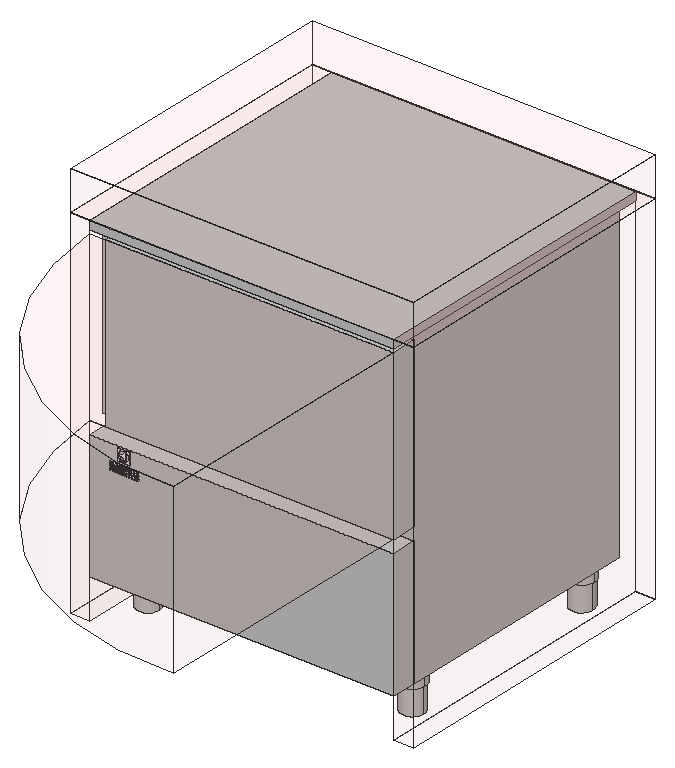
Revit family "QF_ELECTROLUXPROFESSIONAL_725213_ECBCFA025SB", category Attrezzature speciali, Revit 2018
Family settings
  Quota connettore circolare = Usa diametro
  Tipo di parte = Normale
  Basato su piano di lavoro = No
  Sempre verticale = Sì
  Taglio con vuoti quando caricato = No
  Condiviso = No
  Punto di calcolo locali = No
Parameters (values of type "Standard")
  Weight = 85.00 kg
  Watts = 1450 W
  Volts = 220 V
  URL Manufacturer = "https://www.electroluxprofessional.com/"
  URL = "https://www.electroluxprofessional.com/"
  Steam Supply Size = 0 mm
  Steam Supply Minimum Pressure = 0.0 Pa
  Steam Supply Maximum Pressure = 0.0 Pa
  Steam Consumption per Hour = 0
  Show Logo [instance] = yes
  Show Clearance [instance] = yes
  Refrigeration Suction Line Size = 0 mm
  Refrigeration Liquid Line Size = 0 mm
  Refrigerant Compressor Remote = yes
  Produttore = "Electrolux Professional"
  Phase = 1
  Modello = "ECBCFA025SB"
  Length Actual = 762 mm  # constant formula
  Item Number = "725213"
  Hot Water Size = 0 mm
  Height Actual = 902 mm  # constant formula
  HP = "1.9 HP"
  Gas Size = 0 mm
  Gas KW = 0
  Gas Input Pressure = 0 W
  Direct Waste Size = 0 mm
  Descrizione = "BLAST CHILLER/FREEZER CW 25KG 5 GN 1/1 - R452A - 60HZ"
  Depth Actual = 760 mm  # constant formula
  Cycle = 60 Hz
  Condensate Return Size = 0 mm
  Compressed Air Volume = 0.0 L/s
  Compressed Air Size = 0 mm
  Compressed Air Pressure = 0.0 Pa
  Cold Water Size = 0 mm
  Accessory = yes
Types (2, lengths in mm): name | URL | Produttore | Phase | Modello | Descrizione
  (no name) | 0 | 0 | 0 | 0 | 0
  Standard | "https://www.electroluxprofessional.com/" | "Electrolux Professional" | 1 | "ECBCFA025SB" | "BLAST CHILLER/FREEZER CW 25KG 5 GN 1/1 - R452A - 60HZ"
Values of the unnamed type that differ from the named types
  Weight = 0.00 kg
  Watts = 0 W
  Volts = 0 V
  URL Manufacturer = ""
  Item Number = ""
  HP = ""
  Cycle = 0 Hz
Reference planes
  plane 1 "Center X": y = 167.851
  plane 2: z = 0
  plane 3 "Center Y": x = -378
  plane 4 "LEFT": x = -759
  plane 5 "BACK": y = 547.851
  plane 6 "RIGHT": x = 3
  plane 7 "FRONT": y = -212.149
  plane 8: z = 100
  plane 9 "TOP": z = 902
  plane 10: x = -710
  plane 11: y = 440.851
  plane 12: x = -46
  plane 13: y = -52.149
  plane 14: y = 496.851
  plane 15: z = 882
  plane 16: y = -902.149
Forms (mm)
  Extrusion 1, solid, material "QF_Finishes_Stainless Steel"
    sketch origin (0, 0, 902) x (-1, 0, 0) y (0, -1, 0)
      loop
        line (759, -496.851) -> (759, 147.149) -> (-3, 147.149) -> (-3, -496.851) -> (759, -496.851)
    from -20 to -802
  Extrusion 2, solid, material "QF_Finishes_Stainless Steel"
    sketch origin (-499.727, 496.851, 794) x (1, 0, 0) y (0, 0, -1)
      loop
        circle (121.727, 644) r 10.5
    from 0 to 10
  Extrusion 3, solid, material "QF_Finishes_Stainless Steel"
    sketch origin (-1206.916, -1524, 100) x (-1, 0, 0) y (0, -1, 0)
      loop
        line (-447.916, -1311.851) -> (-1209.916, -1311.851) -> (-1209.916, -1376.851) -> (-447.916, -1376.851) -> (-447.916, -1311.851)
    from 320.766 to 0
  Extrusion 4, solid, material "QF_Finishes_Stainless Steel"
    sketch origin (-1225.916, -1562, 130) x (0, -1, 0) y (-1, 0, 0)
      loop
        circle (-1673.851, -847.916) r 9.5
    from 30 to 40
  Extrusion 5, solid, material "QF_Finishes_Stainless Steel"
    sketch origin (-623, 0, 1060.038) x (1, 0, 0) y (0, 1, 0)
      loop
        line (626, -212.149) -> (626, -147.149) -> (-136, -147.149) -> (-136, -212.149) -> (626, -212.149)
    from -186.804 to -608.038
  Extrusion 6, solid, material "QF_Finishes_Stainless Steel"
    sketch origin (-1206.916, -1524, 882) x (-1, 0, 0) y (0, -1, 0)
      loop
        line (-447.916, -2071.851) -> (-447.916, -1311.851) -> (-1209.916, -1311.851) -> (-1209.916, -2071.851) -> (-447.916, -2071.851)
    from 20 to 0
  Extrusion 7, solid, material "QF_Clearance", visible <- "Show Clearance"
    sketch origin (0, 0, 0) x (1, 0, 0) y (0, 1, 0)
      loop
        line (-759, 547.851) -> (-809, 547.851) -> (-809, -212.149) -> (-759, -212.149) -> (-759, 547.851)
      loop
        line (53, 547.851) -> (3, 547.851) -> (3, -212.149) -> (53, -212.149) -> (53, 547.851)
    from 0 to 902
  Extrusion 8, solid, material "QF_Clearance", visible <- "Show Clearance"
    sketch origin (0, 0, 0) x (1, 0, 0) y (0, 1, 0)
      loop
        line (-809, 547.851) -> (-809, -212.149) -> (53, -212.149) -> (53, 547.851) -> (-809, 547.851)
    from 902 to 1002
  Extrusion 9, void
    sketch origin (0, 0, 0) x (1, 0, 0) y (0, 1, 0)
      loop
        line (-759, -212.149) -> (-719, -212.149) -> (-719, -172.149) -> (-759, -172.149) -> (-759, -212.149)
    from 452 to 873.234
  Extrusion 10, solid, material "QF_Clearance"
    sketch origin (0, 0, 0) x (1, 0, 0) y (0, 1, 0)
      loop
        line (3, -902.149) -> (3, -212.149) -> (-759, -212.149)
        arc (-759, -212.149) -> (-521.162, -715.25) -> (3, -902.149) r 725.966
    from 452 to 873.234
Cuts and joins
  joined: Extrusion 1, Extrusion 2, Extrusion 4
  Extrusion 9 cuts Extrusion 3
  Extrusion 9 cuts Extrusion 7
  Extrusion 9 cuts Extrusion 5
Lines and regions (mm)
  Split face 1
    outline origin (3, -212.149, 100) x (-1, 0, 0) y (0, 0, -1)
      loop
        line (762, -254.5) -> (544.5, -254.5) -> (522.858, -232.858) -> (239.142, -232.858) -> (217.5, -254.5) -> (0, -254.5)
  Split face 2
    outline origin (3, -212.149, 100) x (-1, 0, 0) y (0, 0, -1)
      loop
        line (762, -212) -> (0, -212)
  Split face 3
    outline origin (3, -212.149, 100) x (-1, 0, 0) y (0, 0, -1)
      loop
        line (408.5, -305.998) -> (408.5, -290.998) -> (353.5, -290.998) -> (353.5, -305.998) -> (408.5, -305.998)
  Split face 4
    outline origin (3, -212.149, 75) x (-1, 0, 0) y (0, 0, -1)
      loop
        line (408.5, -305.998) -> (408.5, -290.998) -> (353.5, -290.998) -> (353.5, -305.998) -> (408.5, -305.998)
  symbolic lines
    curve 1: line (-759, 547.851, 902) -> (3, 547.851, 902)
    curve 2: line (-759, -212.149, 902) -> (-759, 547.851, 902)
    curve 3: line (3, 547.851, 902) -> (3, -212.149, 902)
    curve 4: line (3, -212.149, 0) -> (-759, -212.149, 0)
  symbolic lines, style "QF_Clearances"
    curve 5: line (-809, 547.851, 0) -> (-809, -212.149, 0)
    curve 6: line (-809, -212.149, 0) -> (-759, -212.149, 0)
    curve 7: line (53, 547.851, 0) -> (3, 547.851, 0)
    curve 8: line (53, 547.851, 0) -> (53, -212.149, 0)
    curve 9: line (-759, 547.851, 0) -> (-809, 547.851, 0)
    curve 10: line (3, -212.149, 0) -> (53, -212.149, 0)
  symbolic lines, style "QF_Door-Drawer Clearances"
    curve 11: arc (-759, -212.149, 0) -> (-521.162, -715.25, 0) -> (3, -902.149, 0) r 725.966
    curve 12: line (3, -902.149, 0) -> (3, -212.149, 0)
Dimensions and locks
  equal spacing: plane 4 "LEFT", plane 3 "Center Y", plane 6 "RIGHT"
  plane 4 "LEFT" to plane 6 "RIGHT" = 762 mm
  plane 5 "BACK" to plane 7 "FRONT" = 760 mm
  equal spacing: plane 5 "BACK", plane 1 "Center X", plane 7 "FRONT"
  cut or joined group of Extrusion 1, Extrusion 2, Extrusion 4 to Extrusion 2 sketch curve = 381 mm
  level to Extrusion 2 sketch curve = 150 mm
  plane 5 "BACK" to Extrusion 4 sketch curve = 436 mm
  plane 4 "LEFT" to Extrusion 4 sketch curve = 381 mm
  Extrusion 2 sketch curve to plane 4 "LEFT" = 381 mm
  plane 9 "TOP" to plane 2 = 902 mm
  locked: plane 9 "TOP" to plane 15 at 20
  plane 8 to level = 100 mm
  plane 6 "RIGHT" to plane 12 = 49 mm
  plane 5 "BACK" to plane 14 = 51 mm
  plane 5 "BACK" to plane 16 = 1450 mm
  aligned and locked: level to plane 2
  aligned and locked: plane 12 to nested 3
  aligned and locked: plane 12 to nested 2
  aligned and locked: nested 4 to plane 11
  aligned and locked: nested 3 to plane 11
  aligned and locked: Extrusion 1 to plane 4 "LEFT"
  aligned and locked: plane 6 "RIGHT" to Extrusion 1
  aligned and locked: plane 15 to cut or joined group of Extrusion 1, Extrusion 2, Extrusion 4
  aligned and locked: plane 14 to Extrusion 1
  aligned and locked: Extrusion 8 sketch curve to Extrusion 7  (x4)
  aligned and locked: Extrusion 8 to plane 9 "TOP"
Automatic sketch dimensions
  Extrusion 1 sketch curve to plane 6 "RIGHT" = 0 mm
  Extrusion 1 sketch curve to plane 4 "LEFT" = 0 mm
  Extrusion 1 sketch curve to plane 14 = 0 mm
  plane 7 "FRONT" to Extrusion 1 sketch curve = 65 mm
  curve 1 to plane 5 "BACK" = 0 mm
  curve 1 to plane 6 "RIGHT" = 0 mm
  curve 2 to plane 4 "LEFT" = 0 mm
  curve 3 to plane 7 "FRONT" = 0 mm
  curve 2 to plane 7 "FRONT" = 0 mm
  Extrusion 3 sketch curve to plane 6 "RIGHT" = 0 mm
  Extrusion 3 sketch curve to plane 4 "LEFT" = 0 mm
  Extrusion 3 sketch curve to plane 7 "FRONT" = 0 mm
  Extrusion 3 sketch curve to Extrusion 3 sketch curve = 65 mm
  Extrusion 5 sketch curve to plane 7 "FRONT" = 0 mm
  Extrusion 5 sketch curve to plane 10 = 49 mm
  Extrusion 5 sketch curve to plane 6 "RIGHT" = 0 mm
  Extrusion 5 sketch curve to Extrusion 5 sketch curve = 65 mm
  Extrusion 6 sketch curve to plane 5 "BACK" = 0 mm
  Extrusion 6 sketch curve to plane 6 "RIGHT" = 0 mm
  Extrusion 6 sketch curve to plane 4 "LEFT" = 0 mm
  Extrusion 6 sketch curve to plane 7 "FRONT" = 0 mm
  Split face 2 sketch curve to Extrusion 3 = 0 mm
  Extrusion 3 to Split face 2 sketch curve = 0 mm
  Split face 2 sketch curve to Extrusion 3 = 108.766 mm
  Split face 3 sketch curve to Extrusion 3 = 14.768 mm
  Split face 3 sketch curve to Extrusion 3 = 353.5 mm
  Split face 3 sketch curve to Split face 3 sketch curve = 55 mm
  Split face 3 sketch curve to Split face 3 sketch curve = 15 mm
  Split face 4 sketch curve to Extrusion 3 = 39.768 mm
  Split face 4 sketch curve to Extrusion 3 = 353.5 mm
  Split face 4 sketch curve to Split face 4 sketch curve = 55 mm
  Split face 4 sketch curve to Split face 4 sketch curve = 15 mm
  Extrusion 7 sketch curve to plane 7 "FRONT" = 0 mm  (x2)
  Extrusion 7 sketch curve to plane 5 "BACK" = 0 mm  (x2)
  Extrusion 7 sketch curve to plane 4 "LEFT" = 0 mm
  Extrusion 7 sketch curve to plane 6 "RIGHT" = 0 mm
  Extrusion 7 sketch curve to Extrusion 7 sketch curve = 50 mm
  plane 6 "RIGHT" to Extrusion 7 sketch curve = 50 mm
  curve 6 to plane 7 "FRONT" = 0 mm
  curve 5 to plane 5 "BACK" = 0 mm
  plane 6 "RIGHT" to curve 8 = 50 mm
  curve 7 to plane 5 "BACK" = 0 mm
  curve 6 to plane 4 "LEFT" = 0 mm
  curve 9 to plane 4 "LEFT" = 0 mm
  curve 9 to curve 9 = 50 mm
  curve 7 to plane 6 "RIGHT" = 0 mm
  Extrusion 9 sketch curve to plane 4 "LEFT" = 0 mm
  Extrusion 9 sketch curve to plane 7 "FRONT" = 0 mm
  Extrusion 9 sketch curve to plane 10 = 9 mm
  plane 7 "FRONT" to Extrusion 9 sketch curve = 40 mm
  Extrusion 10 sketch curve to plane 4 "LEFT" = 0 mm
  Extrusion 10 sketch curve to plane 6 "RIGHT" = 0 mm
  Extrusion 10 sketch curve to plane 16 = 0 mm
  Extrusion 10 sketch curve to plane 7 "FRONT" = 0 mm
  plane 12 to Extrusion 10 sketch curve = 12.12 mm
  curve 11 to plane 6 "RIGHT" = 0 mm
  curve 11 to plane 16 = 0 mm
  plane 12 to curve 11 = 12.12 mm
  Split face 1 sketch curve to Extrusion 3 = 0 mm
  Extrusion 3 to Split face 1 sketch curve = 0 mm
  Split face 1 sketch curve to Extrusion 3 = 66.266 mm
  Split face 1 sketch curve to Extrusion 3 = 217.5 mm
  Split face 1 sketch curve to Split face 1 sketch curve = 21.642 mm  (x3)
  Split face 1 sketch curve to Extrusion 3 = 87.908 mm
  Split face 1 sketch curve to Extrusion 3 = 239.142 mm
  radius of Extrusion 2 sketch curve = 10.5 mm
  radius of Extrusion 4 sketch curve = 9.5 mm
Nested families
  nested 1: "Foot_Complete" at (-710, -91.149, 0), type "Foot_Complete"
    with H 100 mm
  nested 2: "Foot_Complete" at (-46, -91.149, 0), type "Foot_Complete"
    with H 100 mm
  nested 3: "Foot_Complete" at (-46, 440.851, 0), type "Foot_Complete"
    with H 100 mm
  nested 4: "Foot_Complete" at (-710, 440.851, 0), type "Foot_Complete"
    with H 100 mm
  nested 5: "ELX_Pro_Logo" at (-673, -212.149, 384.5) x (1, 0, 0) z (0, -1, 0), type "ELX_Pro_Logo"
Connectors
  electrical at (-378, 506.851, 150), driven by "Volts"
    settings: on Extrusion 2, index 5, voltage 220 V, apparent load 0 VA, apparent load phase1 0 VA, apparent load phase2 0 VA, apparent load phase3 0 VA, power factor 1, load classification "Altro", number of poles 1, system type 30, power factor state 1, is connector primary yes, connector utility no, sub classification motor no, connector description "Electrical Connection"
  piping at (-378, 111.851, 90), diameter 19
    settings: on cut or joined group of Extrusion 1, Extrusion 2, Extrusion 4, index 6, connector inside diameter 609.6 mm, connector length 0 mm, flow factor 0, pipe flow 0.0 L/s, pressure drop 0.0 Pa, fitting loss kfactor 0, connector angle 0.00°, fixture units 0, engagement length 0 mm, angle of deflection 0.00°, flow configuration 1, flow direction 2, fitting loss method 0, system type 16, joint type 0, gender type 0, connector reference index -1, connector utility 0, adjustable connector no, is connector primary yes, connector description "Drain"
Definition of nested family "Foot_Complete"
  Parameters
    R = 32 mm
    H = 150 mm
  Reference planes
    plane 1 "Centro (Fronte/Retro)": y = 0
    plane 2: z = 0
    plane 3 "Centro (Sinistra/Destra)": x = 0
    plane 4: z = 150
  Forms (mm)
    Revolve 1, solid
      sketch origin (255.05, 0, 608.09) x (0, 0, 1) y (-1, 0, 0)
        loop
          line (-608.09, 255.05) -> (-608.09, 226.55) -> (-544.09, 226.55) -> (-544.09, 223.05) -> (-458.09, 223.05) -> (-458.09, 255.05) -> (-608.09, 255.05)
        axis (-608.09, 255.05) -> (-458.09, 255.05)
      angle from 0 to 360
  Dimensions and locks
    locked: level to Revolve 1 sketch curve at 64
    "R": Revolve 1 sketch curve to plane 3 "Centro (Sinistra/Destra)"
    "H": plane 4 to level
    aligned and locked: level to plane 2
    aligned and locked: plane 4 to Revolve 1 sketch curve
    aligned and locked: Revolve 1 sketch curve to level
    aligned and locked: plane 3 "Centro (Sinistra/Destra)" to Revolve 1 sketch curve
  Automatic sketch dimensions
    Revolve 1 sketch curve to plane 3 "Centro (Sinistra/Destra)" = 0 mm
    plane 3 "Centro (Sinistra/Destra)" to Revolve 1 sketch curve = 28.5 mm
    Revolve 1 sketch curve to Revolve 1 sketch curve = 50 mm
    Revolve 1 sketch curve to Revolve 1 sketch curve = 20 mm
Definition of nested family "ELX_Pro_Logo"
  Parameters (values of type "ELX_Pro_Logo")
    M = none
    Default Elevation = 0 mm
  Reference planes
    plane 1 "Centro (Fronte/Retro)": y = 0
    plane 2: z = 0
    plane 3 "Centro (Sinistra/Destra)": x = 0
  Forms (mm)
    Extrusion 1, solid
      sketch origin (0, 0, 0) x (1, 0, 0) y (0, 1, 0)
        loop
          line (-1219.2, 1219.2) -> (-1219.2, -1219.2) -> (1219.2, -1219.2) -> (1219.2, 1219.2) -> (-1219.2, 1219.2)
      from 0 to -304.8
    Extrusion 2, solid, material <- "M"
      sketch origin (-144.622, -1081.55, 0) x (-1, 0, 0) y (0, -1, 0)
        loop
          line (-111.329, -1069.559) -> (-111.329, -1071.073) -> (-116.048, -1071.073) -> (-116.048, -1072.896) -> (-111.328, -1072.896) -> (-111.328, -1075.549) -> (-116.349, -1075.549) -> (-116.349, -1077.368) -> (-109.396, -1077.368) -> (-109.396, -1073.46) -> (-109.396, -1069.659)
          arc (-109.396, -1069.659) -> (-110.425, -1067.175) -> (-112.909, -1066.146) r 3.513
          line (-112.909, -1066.146) -> (-116.483, -1066.146) -> (-116.483, -1067.963) -> (-112.925, -1067.963)
          arc (-112.925, -1067.963) -> (-111.797, -1068.431) -> (-111.329, -1069.559) r 1.596
        loop
          line (-119.79, -1077.358) -> (-117.856, -1077.358) -> (-117.856, -1072.053) -> (-117.856, -1066.132) -> (-119.79, -1066.132) -> (-119.79, -1072.092) -> (-119.79, -1077.358)
        loop
          line (-122.986, -1069.718) -> (-129.327, -1069.718)
          arc (-129.327, -1069.718) -> (-129.219, -1071.449) -> (-128.497, -1073.026) r 4.757
          arc (-128.497, -1073.026) -> (-125.237, -1074.5) -> (-121.978, -1073.026) r 4.34
          arc (-121.978, -1073.026) -> (-121.072, -1070.207) -> (-121.978, -1067.388) r 4.838
          arc (-121.978, -1067.388) -> (-125.393, -1065.933) -> (-128.809, -1067.388) r 4.737
          line (-128.809, -1067.388) -> (-127.645, -1068.52)
          arc (-127.645, -1068.52) -> (-125.509, -1067.576) -> (-123.374, -1068.52) r 2.888
          arc (-123.374, -1068.52) -> (-123.05, -1069.077) -> (-122.986, -1069.718) r 1.527
        loop
          arc (-127.386, -1071.076) -> (-126.67, -1072.331) -> (-125.331, -1072.872) r 2.201
          arc (-125.331, -1072.872) -> (-123.848, -1072.402) -> (-123.033, -1071.076) r 2.23
          line (-123.033, -1071.076) -> (-127.386, -1071.076)
        loop
          line (-136.862, -1071.886) -> (-138.059, -1073.132)
          arc (-138.059, -1073.132) -> (-130.327, -1070.219) -> (-138.059, -1067.306) r 4.415
          line (-138.059, -1067.306) -> (-136.862, -1068.553)
          arc (-136.862, -1068.553) -> (-132.252, -1070.22) -> (-136.862, -1071.886) r 2.606
        loop
          line (-141.192, -1069.673) -> (-141.192, -1072.494) -> (-142.951, -1072.494) -> (-142.951, -1074.25) -> (-141.195, -1074.25) -> (-141.195, -1077.358) -> (-139.262, -1077.358) -> (-139.262, -1073.332) -> (-139.262, -1069.514)
          arc (-139.262, -1069.514) -> (-140.299, -1066.92) -> (-142.98, -1066.132) r 3.196
          line (-142.98, -1066.132) -> (-142.987, -1067.949)
          arc (-142.987, -1067.949) -> (-141.652, -1068.356) -> (-141.192, -1069.673) r 1.542
        loop
          line (-146.494, -1073.042) -> (-146.494, -1074.25) -> (-144.576, -1074.25) -> (-144.576, -1070.271) -> (-144.576, -1066.132) -> (-146.494, -1066.132) -> (-146.494, -1070.401)
          arc (-146.494, -1070.401) -> (-147.446, -1072.228) -> (-149.489, -1072.494) r 2.229
          line (-149.489, -1072.494) -> (-149.489, -1074.362)
          arc (-149.489, -1074.362) -> (-147.761, -1074.226) -> (-146.494, -1073.042) r 2.627
        loop
          line (-159.833, -1072.246) -> (-159.833, -1066.131) -> (-161.767, -1066.131) -> (-161.767, -1072.17) -> (-161.767, -1077.359) -> (-159.833, -1077.359) -> (-159.833, -1072.246)
        loop
          line (-165.194, -1069.514) -> (-165.194, -1074.25) -> (-163.245, -1074.25) -> (-163.245, -1071.898) -> (-163.245, -1069.098)
          arc (-163.245, -1069.098) -> (-166.96, -1065.769) -> (-170.687, -1069.085) r 3.745
          line (-170.687, -1069.085) -> (-170.687, -1071.898) -> (-170.687, -1074.25) -> (-168.739, -1074.25) -> (-168.739, -1069.514)
          arc (-168.739, -1069.514) -> (-166.967, -1067.742) -> (-165.194, -1069.514) r 1.772
        loop
          line (-174.654, -1070.416) -> (-172.975, -1068.078) -> (-171.578, -1066.131) -> (-173.656, -1066.131) -> (-175.717, -1068.999) -> (-177.779, -1066.131) -> (-179.857, -1066.131) -> (-178, -1068.728) -> (-176.781, -1070.433) -> (-178.29, -1072.488) -> (-179.583, -1074.25) -> (-177.473, -1074.25) -> (-175.717, -1071.818) -> (-173.945, -1074.25) -> (-171.852, -1074.25) -> (-173.052, -1072.608) -> (-174.654, -1070.416)
        loop
          circle (-154.223, -1070.188) r 2.508
        loop
          circle (-154.223, -1070.188) r 4.42
        loop
          line (-110.224, -1058.542) -> (-111.194, -1058.542)
          arc (-111.194, -1058.542) -> (-112.217, -1059.95) -> (-110.924, -1061.114) r 1.3
          line (-110.924, -1061.114) -> (-109.424, -1061.114) -> (-109.424, -1057.223) -> (-110.224, -1057.223) -> (-110.224, -1058.542)
        loop
          line (-110.224, -1060.379) -> (-110.224, -1059.293) -> (-111.03, -1059.293)
          arc (-111.03, -1059.293) -> (-111.43, -1059.836) -> (-111.03, -1060.379) r 0.569
          line (-111.03, -1060.379) -> (-110.224, -1060.379)
        loop
          line (-116.302, -1058.564) -> (-117.128, -1058.564) -> (-117.934, -1057.223) -> (-118.841, -1057.223) -> (-117.833, -1058.884)
          arc (-117.833, -1058.884) -> (-118.214, -1060.282) -> (-117.028, -1061.114) r 1.26
          line (-117.028, -1061.114) -> (-115.503, -1061.114) -> (-115.503, -1057.223) -> (-116.302, -1057.223) -> (-116.302, -1058.564)
        loop
          line (-116.302, -1060.379) -> (-116.302, -1059.293) -> (-117.109, -1059.293)
          arc (-117.109, -1059.293) -> (-117.508, -1059.836) -> (-117.109, -1060.379) r 0.569
          line (-117.109, -1060.379) -> (-116.302, -1060.379)
        loop
          line (-128.923, -1057.223) -> (-129.723, -1057.223) -> (-129.723, -1058.714) -> (-131.187, -1058.714) -> (-131.187, -1059.514) -> (-129.723, -1059.514) -> (-129.723, -1060.314) -> (-131.327, -1060.314) -> (-131.327, -1061.114) -> (-128.923, -1061.114) -> (-128.923, -1057.223)
        loop
          arc (-134.628, -1058.469) -> (-134.992, -1057.588) -> (-135.874, -1057.223) r 1.246
          line (-135.874, -1057.223) -> (-137.13, -1057.223) -> (-137.13, -1058.023) -> (-135.969, -1058.023)
          arc (-135.969, -1058.023) -> (-135.53, -1058.237) -> (-135.427, -1058.714) r 0.558
          line (-135.427, -1058.714) -> (-136.984, -1058.714) -> (-136.984, -1059.514) -> (-135.427, -1059.514) -> (-135.427, -1060.314) -> (-137.092, -1060.314) -> (-137.092, -1061.114) -> (-134.628, -1061.114) -> (-134.628, -1058.469)
        loop
          line (-152.3, -1057.223) -> (-153.1, -1057.223) -> (-153.1, -1061.114) -> (-152.3, -1061.114) -> (-152.3, -1057.223)
        loop
          line (-164.67, -1057.223) -> (-164.67, -1059.67) -> (-166.45, -1057.223) -> (-167.25, -1057.223) -> (-167.25, -1061.114) -> (-166.42, -1061.114) -> (-166.42, -1058.594) -> (-164.64, -1061.114) -> (-163.84, -1061.114) -> (-163.84, -1057.223) -> (-164.67, -1057.223)
        loop
          line (-170.403, -1057.223) -> (-171.262, -1057.223) -> (-171.641, -1058.063) -> (-173.08, -1058.063) -> (-173.459, -1057.223) -> (-174.317, -1057.223) -> (-172.796, -1061.113) -> (-171.996, -1061.113) -> (-170.403, -1057.223)
        loop
          line (-177.493, -1057.223) -> (-179.789, -1057.223) -> (-179.789, -1058.023) -> (-178.293, -1058.023) -> (-178.293, -1061.114) -> (-177.493, -1061.114) -> (-177.493, -1057.223)
        loop
          line (-172.362, -1059.848) -> (-171.945, -1058.83) -> (-172.76, -1058.83) -> (-172.362, -1059.848)
        loop
          circle (-158.484, -1059.145) r 1.288
        loop
          circle (-158.484, -1059.145) r 2.065
        loop
          arc (-146.04, -1058.095) -> (-146.933, -1057.275) -> (-148.145, -1057.245) r 1.725
          arc (-148.145, -1057.245) -> (-148.965, -1058.02) -> (-148.68, -1059.111) r 1.107
          arc (-148.68, -1059.111) -> (-148.103, -1059.465) -> (-147.486, -1059.746) r 5.523
          arc (-147.486, -1059.746) -> (-147.147, -1060.262) -> (-147.708, -1060.52) r 0.407
          arc (-147.708, -1060.52) -> (-148.045, -1060.315) -> (-148.325, -1060.038) r 1.702
          line (-148.325, -1060.038) -> (-149.011, -1060.45)
          arc (-149.011, -1060.45) -> (-148.578, -1060.911) -> (-148.043, -1061.247) r 2.463
          arc (-148.043, -1061.247) -> (-146.373, -1060.466) -> (-147.42, -1058.949) r 1.207
          spline (-147.42, -1058.949) -> (-147.716, -1058.809) -> (-147.932, -1058.678) -> (-148.077, -1058.557) -> (-148.163, -1058.446) -> (-148.198, -1058.347) -> (-148.192, -1058.258) -> (-148.157, -1058.182) -> (-148.102, -1058.118) -> (-148.037, -1058.068) -> (-147.972, -1058.031) -> (-147.917, -1058.008) -> (-147.883, -1058)
          arc (-147.883, -1058) -> (-147.238, -1058.014) -> (-146.759, -1058.446) r 0.925
          line (-146.759, -1058.446) -> (-146.04, -1058.095)
        loop
          arc (-140.18, -1058.095) -> (-141.073, -1057.275) -> (-142.285, -1057.245) r 1.725
          arc (-142.285, -1057.245) -> (-143.106, -1058.02) -> (-142.821, -1059.111) r 1.107
          arc (-142.821, -1059.111) -> (-142.243, -1059.465) -> (-141.627, -1059.746) r 5.523
          arc (-141.627, -1059.746) -> (-141.287, -1060.262) -> (-141.849, -1060.52) r 0.407
          arc (-141.849, -1060.52) -> (-142.185, -1060.315) -> (-142.466, -1060.038) r 1.702
          line (-142.466, -1060.038) -> (-143.151, -1060.45)
          arc (-143.151, -1060.45) -> (-142.719, -1060.911) -> (-142.183, -1061.247) r 2.463
          arc (-142.183, -1061.247) -> (-140.513, -1060.466) -> (-141.56, -1058.949) r 1.207
          spline (-141.56, -1058.949) -> (-141.856, -1058.809) -> (-142.072, -1058.678) -> (-142.218, -1058.557) -> (-142.303, -1058.446) -> (-142.338, -1058.347) -> (-142.333, -1058.258) -> (-142.298, -1058.182) -> (-142.242, -1058.118) -> (-142.177, -1058.068) -> (-142.112, -1058.031) -> (-142.057, -1058.008) -> (-142.023, -1058)
          arc (-142.023, -1058) -> (-141.378, -1058.014) -> (-140.9, -1058.446) r 0.925
          line (-140.9, -1058.446) -> (-140.18, -1058.095)
        loop
          circle (-123.484, -1059.145) r 1.288
        loop
          circle (-123.484, -1059.145) r 2.065
        loop
          line (-130.225, -1113.361) -> (-130.225, -1084.645) -> (-158.979, -1084.645) -> (-158.979, -1113.361) -> (-130.225, -1113.361)
        loop
          arc (-148.442, -1086.055) -> (-157.992, -1098.973) -> (-148.442, -1111.892) r 13.512
          line (-148.442, -1111.892) -> (-148.442, -1086.055)
        loop
          line (-147.127, -1086.055) -> (-147.127, -1087.926)
          arc (-147.127, -1087.926) -> (-143.116, -1095.125) -> (-135.48, -1098.224) r 12.412
          line (-135.48, -1098.224) -> (-131.205, -1098.224)
          arc (-131.205, -1098.224) -> (-136.382, -1088.497) -> (-147.127, -1086.055) r 13.242
        loop
          line (-147.127, -1110.021) -> (-147.127, -1112.224)
          arc (-147.127, -1112.224) -> (-136.374, -1109.53) -> (-131.205, -1099.722) r 13.588
          line (-131.205, -1099.722) -> (-135.48, -1099.722)
          arc (-135.48, -1099.722) -> (-143.116, -1102.822) -> (-147.127, -1110.021) r 12.412
      from 0 to 1.6
  Lines and regions (mm)
    symbolic lines
      curve 1: line (-14.357, 31.811, 0) -> (14.357, 31.811, 0)
      curve 2: line (-14.357, 3.095, 0) -> (-14.357, 31.811, 0)
      curve 3: line (14.357, 3.095, 0) -> (-14.357, 3.095, 0)
      curve 4: line (14.357, 31.811, 0) -> (14.357, 3.095, 0)
      curve 5: line (-8.32, 7.722, 0) -> (-9.387, 8.738, 0)
      curve 6: line (-9.387, 8.738, 0) -> (-10.331, 9.866, 0)
      curve 7: line (-10.331, 9.866, 0) -> (-11.141, 11.095, 0)
      curve 8: line (-11.141, 11.095, 0) -> (-11.805, 12.411, 0)
      curve 9: line (-11.805, 12.411, 0) -> (-12.31, 13.803, 0)
      curve 10: line (-12.31, 13.803, 0) -> (-12.646, 15.26, 0)
      curve 11: line (-12.646, 15.26, 0) -> (-12.8, 16.77, 0)
      curve 12: line (-12.8, 16.77, 0) -> (-10.081, 16.77, 0)
      curve 13: line (-10.081, 16.77, 0) -> (-8.466, 16.661, 0)
      curve 14: line (-8.466, 16.661, 0) -> (-6.88, 16.344, 0)
      curve 15: line (-6.88, 16.344, 0) -> (-5.345, 15.833, 0)
      curve 16: line (-5.345, 15.833, 0) -> (-3.882, 15.143, 0)
      curve 17: line (-3.882, 15.143, 0) -> (-2.511, 14.288, 0)
      curve 18: line (-2.511, 14.288, 0) -> (-1.255, 13.283, 0)
      curve 19: line (-1.255, 13.283, 0) -> (-0.135, 12.143, 0)
      curve 20: line (-0.135, 12.143, 0) -> (0.83, 10.882, 0)
      curve 21: line (0.83, 10.882, 0) -> (1.616, 9.515, 0)
      curve 22: arc (1.616, 9.515, 0) -> (2.419, 7.28, 0) -> (2.7, 4.923, 0) r 10.532
      curve 23: arc (2.7, 4.923, 0) -> (1.362, 4.715, 0) -> (0.011, 4.633, 0) r 14.39
      curve 24: line (0.011, 4.633, 0) -> (-1.56, 4.731, 0)
      curve 25: line (-1.56, 4.731, 0) -> (-3.062, 5.011, 0)
      curve 26: line (-3.062, 5.011, 0) -> (-4.502, 5.462, 0)
      curve 27: line (-4.502, 5.462, 0) -> (-5.866, 6.072, 0)
      curve 28: line (-5.866, 6.072, 0) -> (-7.142, 6.829, 0)
      curve 29: line (-7.142, 6.829, 0) -> (-8.32, 7.722, 0)
      curve 30: line (-10.802, 24.24, 0) -> (-9.872, 25.531, 0)
      curve 31: line (-9.872, 25.531, 0) -> (-8.796, 26.699, 0)
      curve 32: line (-8.796, 26.699, 0) -> (-7.587, 27.728, 0)
      curve 33: line (-7.587, 27.728, 0) -> (-6.258, 28.602, 0)
      curve 34: line (-6.258, 28.602, 0) -> (-4.823, 29.309, 0)
      curve 35: line (-4.823, 29.309, 0) -> (-3.293, 29.832, 0)
      curve 36: line (-3.293, 29.832, 0) -> (-1.683, 30.156, 0)
      curve 37: arc (-1.683, 30.156, 0) -> (0.517, 30.256, 0) -> (2.702, 29.984, 0) r 13.008
      curve 38: arc (2.702, 29.984, 0) -> (2.453, 27.616, 0) -> (1.617, 25.387, 0) r 9.395
      curve 39: line (1.617, 25.387, 0) -> (0.83, 24.018, 0)
      curve 40: line (0.83, 24.018, 0) -> (-0.134, 22.756, 0)
      curve 41: line (-0.134, 22.756, 0) -> (-1.255, 21.615, 0)
      curve 42: line (-1.255, 21.615, 0) -> (-2.512, 20.609, 0)
      curve 43: line (-2.512, 20.609, 0) -> (-3.882, 19.754, 0)
      curve 44: line (-3.882, 19.754, 0) -> (-5.346, 19.063, 0)
      curve 45: line (-5.346, 19.063, 0) -> (-6.881, 18.551, 0)
      curve 46: line (-6.881, 18.551, 0) -> (-8.467, 18.234, 0)
      curve 47: line (-8.467, 18.234, 0) -> (-10.083, 18.125, 0)
      curve 48: line (-10.083, 18.125, 0) -> (-12.798, 18.125, 0)
      curve 49: line (-12.798, 18.125, 0) -> (-12.584, 19.768, 0)
      curve 50: line (-12.584, 19.768, 0) -> (-12.171, 21.343, 0)
      curve 51: line (-12.171, 21.343, 0) -> (-11.572, 22.839, 0)
      curve 52: line (-11.572, 22.839, 0) -> (-10.802, 24.24, 0)
      curve 53: line (4.048, 5.294, 0) -> (4.048, 29.617, 0)
      curve 54: line (4.048, 29.617, 0) -> (5.525, 29.026, 0)
      curve 55: line (5.525, 29.026, 0) -> (6.905, 28.26, 0)
      curve 56: line (6.905, 28.26, 0) -> (8.174, 27.332, 0)
      curve 57: line (8.174, 27.332, 0) -> (9.318, 26.256, 0)
      curve 58: line (9.318, 26.256, 0) -> (10.323, 25.046, 0)
      curve 59: line (10.323, 25.046, 0) -> (11.177, 23.715, 0)
      curve 60: line (11.177, 23.715, 0) -> (11.865, 22.277, 0)
      curve 61: line (11.865, 22.277, 0) -> (12.375, 20.746, 0)
      curve 62: line (12.375, 20.746, 0) -> (12.693, 19.135, 0)
      curve 63: line (12.693, 19.135, 0) -> (12.804, 17.459, 0)
      curve 64: line (12.804, 17.459, 0) -> (12.702, 15.807, 0)
      curve 65: line (12.702, 15.807, 0) -> (12.396, 14.216, 0)
      curve 66: line (12.396, 14.216, 0) -> (11.897, 12.7, 0)
      curve 67: line (11.897, 12.7, 0) -> (11.218, 11.271, 0)
      curve 68: line (11.218, 11.271, 0) -> (10.372, 9.944, 0)
      curve 69: line (10.372, 9.944, 0) -> (9.37, 8.731, 0)
      curve 70: line (9.37, 8.731, 0) -> (8.224, 7.646, 0)
      curve 71: line (8.224, 7.646, 0) -> (6.947, 6.703, 0)
      curve 72: line (6.947, 6.703, 0) -> (5.551, 5.914, 0)
      curve 73: line (5.551, 5.914, 0) -> (4.048, 5.294, 0)
      curve 74: line (-35.227, -8.09, 0) -> (-35.227, -11.891, 0)
      curve 75: arc (-35.227, -11.891, 0) -> (-34.198, -14.375, 0) -> (-31.714, -15.404, 0) r 3.513
      curve 76: line (-31.714, -15.404, 0) -> (-28.139, -15.404, 0)
      curve 77: line (-28.139, -15.404, 0) -> (-28.139, -13.587, 0)
      curve 78: line (-28.139, -13.587, 0) -> (-31.697, -13.587, 0)
      curve 79: arc (-31.697, -13.587, 0) -> (-32.826, -13.119, 0) -> (-33.293, -11.991, 0) r 1.596
      curve 80: line (-33.293, -11.991, 0) -> (-33.293, -10.477, 0)
      curve 81: line (-33.293, -10.477, 0) -> (-28.574, -10.477, 0)
      curve 82: line (-28.574, -10.477, 0) -> (-28.574, -8.654, 0)
      curve 83: line (-28.574, -8.654, 0) -> (-33.294, -8.654, 0)
      curve 84: line (-33.294, -8.654, 0) -> (-33.294, -6.001, 0)
      curve 85: line (-33.294, -6.001, 0) -> (-28.273, -6.001, 0)
      curve 86: line (-28.273, -6.001, 0) -> (-28.273, -4.182, 0)
      curve 87: line (-28.273, -4.182, 0) -> (-35.227, -4.182, 0)
      curve 88: line (-35.227, -4.182, 0) -> (-35.227, -8.09, 0)
      curve 89: line (-24.833, -9.458, 0) -> (-24.833, -4.192, 0)
      curve 90: line (-24.833, -4.192, 0) -> (-26.766, -4.192, 0)
      curve 91: line (-26.766, -4.192, 0) -> (-26.766, -9.497, 0)
      curve 92: line (-26.766, -9.497, 0) -> (-26.766, -15.418, 0)
      curve 93: line (-26.766, -15.418, 0) -> (-24.833, -15.418, 0)
      curve 94: line (-24.833, -15.418, 0) -> (-24.833, -9.458, 0)
      curve 95: arc (-16.125, -8.524, 0) -> (-19.385, -7.05, 0) -> (-22.645, -8.524, 0) r 4.34
      curve 96: arc (-22.645, -8.524, 0) -> (-23.551, -11.343, 0) -> (-22.645, -14.162, 0) r 4.838
      curve 97: arc (-22.645, -14.162, 0) -> (-19.229, -15.617, 0) -> (-15.813, -14.162, 0) r 4.737
      curve 98: line (-15.813, -14.162, 0) -> (-16.978, -13.03, 0)
      curve 99: arc (-16.978, -13.03, 0) -> (-19.113, -13.974, 0) -> (-21.249, -13.03, 0) r 2.888
      curve 100: arc (-21.249, -13.03, 0) -> (-21.572, -12.473, 0) -> (-21.637, -11.832, 0) r 1.527
      curve 101: line (-21.637, -11.832, 0) -> (-15.295, -11.832, 0)
      curve 102: arc (-15.295, -11.832, 0) -> (-15.404, -10.101, 0) -> (-16.125, -8.524, 0) r 4.757
      curve 103: line (-17.236, -10.474, 0) -> (-21.589, -10.474, 0)
      curve 104: arc (-21.589, -10.474, 0) -> (-20.774, -9.148, 0) -> (-19.291, -8.678, 0) r 2.23
      curve 105: arc (-19.291, -8.678, 0) -> (-17.952, -9.219, 0) -> (-17.236, -10.474, 0) r 2.201
      curve 106: arc (-6.563, -8.418, 0) -> (-14.295, -11.331, 0) -> (-6.563, -14.244, 0) r 4.415
      curve 107: line (-6.563, -14.244, 0) -> (-7.761, -12.997, 0)
      curve 108: arc (-7.761, -12.997, 0) -> (-12.371, -11.33, 0) -> (-7.761, -9.664, 0) r 2.606
      curve 109: line (-7.761, -9.664, 0) -> (-6.563, -8.418, 0)
      curve 110: line (-5.361, -4.192, 0) -> (-5.361, -8.218, 0)
      curve 111: line (-5.361, -8.218, 0) -> (-5.361, -12.036, 0)
      curve 112: arc (-5.361, -12.036, 0) -> (-4.323, -14.63, 0) -> (-1.642, -15.418, 0) r 3.196
      curve 113: line (-1.642, -15.418, 0) -> (-1.636, -13.601, 0)
      curve 114: arc (-1.636, -13.601, 0) -> (-2.97, -13.194, 0) -> (-3.43, -11.877, 0) r 1.542
      curve 115: line (-3.43, -11.877, 0) -> (-3.43, -9.056, 0)
      curve 116: line (-3.43, -9.056, 0) -> (-1.672, -9.056, 0)
      curve 117: line (-1.672, -9.056, 0) -> (-1.672, -7.299, 0)
      curve 118: line (-1.672, -7.299, 0) -> (-3.427, -7.299, 0)
      curve 119: line (-3.427, -7.299, 0) -> (-3.427, -4.192, 0)
      curve 120: line (-3.427, -4.192, 0) -> (-5.361, -4.192, 0)
      curve 121: line (1.872, -7.3, 0) -> (-0.046, -7.3, 0)
      curve 122: line (-0.046, -7.3, 0) -> (-0.046, -11.279, 0)
      curve 123: line (-0.046, -11.279, 0) -> (-0.046, -15.418, 0)
      curve 124: line (-0.046, -15.418, 0) -> (1.872, -15.418, 0)
      curve 125: line (1.872, -15.418, 0) -> (1.872, -11.149, 0)
      curve 126: arc (1.872, -11.149, 0) -> (2.824, -9.322, 0) -> (4.867, -9.056, 0) r 2.229
      curve 127: line (4.867, -9.056, 0) -> (4.867, -7.188, 0)
      curve 128: arc (4.867, -7.188, 0) -> (3.138, -7.324, 0) -> (1.872, -8.508, 0) r 2.627
      curve 129: line (1.872, -8.508, 0) -> (1.872, -7.3, 0)
      curve 130: arc (7.092, -11.362, 0) -> (9.601, -8.854, 0) -> (12.109, -11.362, 0) r 2.508
      curve 131: arc (12.109, -11.362, 0) -> (9.601, -13.871, 0) -> (7.092, -11.362, 0) r 2.508
      curve 132: arc (5.18, -11.362, 0) -> (9.601, -15.783, 0) -> (14.021, -11.362, 0) r 4.42
      curve 133: arc (14.021, -11.362, 0) -> (9.601, -6.942, 0) -> (5.18, -11.362, 0) r 4.42
      curve 134: line (15.211, -4.191, 0) -> (15.211, -9.304, 0)
      curve 135: line (15.211, -9.304, 0) -> (15.211, -15.419, 0)
      curve 136: line (15.211, -15.419, 0) -> (17.145, -15.419, 0)
      curve 137: line (17.145, -15.419, 0) -> (17.145, -9.38, 0)
      curve 138: line (17.145, -9.38, 0) -> (17.145, -4.191, 0)
      curve 139: line (17.145, -4.191, 0) -> (15.211, -4.191, 0)
      curve 140: line (18.622, -7.299, 0) -> (18.622, -9.652, 0)
      curve 141: line (18.622, -9.652, 0) -> (18.622, -12.452, 0)
      curve 142: arc (18.622, -12.452, 0) -> (22.338, -15.781, 0) -> (26.064, -12.465, 0) r 3.745
      curve 143: line (26.064, -12.465, 0) -> (26.064, -9.652, 0)
      curve 144: line (26.064, -9.652, 0) -> (26.064, -7.299, 0)
      curve 145: line (26.064, -7.299, 0) -> (24.116, -7.299, 0)
      curve 146: line (24.116, -7.299, 0) -> (24.116, -12.036, 0)
      curve 147: arc (24.116, -12.036, 0) -> (22.344, -13.808, 0) -> (20.572, -12.036, 0) r 1.772
      curve 148: line (20.572, -12.036, 0) -> (20.572, -7.299, 0)
      curve 149: line (20.572, -7.299, 0) -> (18.622, -7.299, 0)
      curve 150: line (28.43, -8.942, 0) -> (30.032, -11.134, 0)
      curve 151: line (30.032, -11.134, 0) -> (28.353, -13.472, 0)
      curve 152: line (28.353, -13.472, 0) -> (26.955, -15.419, 0)
      curve 153: line (26.955, -15.419, 0) -> (29.033, -15.419, 0)
      curve 154: line (29.033, -15.419, 0) -> (31.095, -12.551, 0)
      curve 155: line (31.095, -12.551, 0) -> (33.156, -15.419, 0)
      curve 156: line (33.156, -15.419, 0) -> (35.234, -15.419, 0)
      curve 157: line (35.234, -15.419, 0) -> (33.378, -12.822, 0)
      curve 158: line (33.378, -12.822, 0) -> (32.158, -11.117, 0)
      curve 159: line (32.158, -11.117, 0) -> (33.668, -9.062, 0)
      curve 160: line (33.668, -9.062, 0) -> (34.961, -7.3, 0)
      curve 161: line (34.961, -7.3, 0) -> (32.851, -7.3, 0)
      curve 162: line (32.851, -7.3, 0) -> (31.095, -9.732, 0)
      curve 163: line (31.095, -9.732, 0) -> (29.323, -7.3, 0)
      curve 164: line (29.323, -7.3, 0) -> (27.23, -7.3, 0)
      curve 165: line (27.23, -7.3, 0) -> (28.43, -8.942, 0)
      curve 166: line (-35.198, -20.436, 0) -> (-35.198, -24.327, 0)
      curve 167: line (-35.198, -24.327, 0) -> (-34.398, -24.327, 0)
      curve 168: line (-34.398, -24.327, 0) -> (-34.398, -23.008, 0)
      curve 169: line (-34.398, -23.008, 0) -> (-33.428, -23.008, 0)
      curve 170: arc (-33.428, -23.008, 0) -> (-32.405, -21.6, 0) -> (-33.699, -20.436, 0) r 1.3
      curve 171: line (-33.699, -20.436, 0) -> (-35.198, -20.436, 0)
      curve 172: line (-34.398, -22.257, 0) -> (-34.398, -21.171, 0)
      curve 173: line (-34.398, -21.171, 0) -> (-33.592, -21.171, 0)
      curve 174: arc (-33.592, -21.171, 0) -> (-33.192, -21.714, 0) -> (-33.592, -22.257, 0) r 0.569
      curve 175: line (-33.592, -22.257, 0) -> (-34.398, -22.257, 0)
      curve 176: line (-29.12, -20.436, 0) -> (-29.12, -24.327, 0)
      curve 177: line (-29.12, -24.327, 0) -> (-28.32, -24.327, 0)
      curve 178: line (-28.32, -24.327, 0) -> (-28.32, -22.986, 0)
      curve 179: line (-28.32, -22.986, 0) -> (-27.494, -22.986, 0)
      curve 180: line (-27.494, -22.986, 0) -> (-26.688, -24.327, 0)
      curve 181: line (-26.688, -24.327, 0) -> (-25.781, -24.327, 0)
      curve 182: line (-25.781, -24.327, 0) -> (-26.789, -22.666, 0)
      curve 183: arc (-26.789, -22.666, 0) -> (-26.409, -21.268, 0) -> (-27.594, -20.436, 0) r 1.26
      curve 184: line (-27.594, -20.436, 0) -> (-29.12, -20.436, 0)
      curve 185: line (-28.32, -22.257, 0) -> (-28.32, -21.171, 0)
      curve 186: line (-28.32, -21.171, 0) -> (-27.514, -21.171, 0)
      curve 187: arc (-27.514, -21.171, 0) -> (-27.114, -21.714, 0) -> (-27.514, -22.257, 0) r 0.569
      curve 188: line (-27.514, -22.257, 0) -> (-28.32, -22.257, 0)
      curve 189: arc (-22.427, -22.405, 0) -> (-21.138, -21.117, 0) -> (-19.85, -22.405, 0) r 1.288
      curve 190: arc (-19.85, -22.405, 0) -> (-21.138, -23.694, 0) -> (-22.427, -22.405, 0) r 1.288
      curve 191: arc (-23.203, -22.405, 0) -> (-21.138, -24.47, 0) -> (-19.074, -22.405, 0) r 2.065
      curve 192: arc (-19.074, -22.405, 0) -> (-21.138, -20.34, 0) -> (-23.203, -22.405, 0) r 2.065
      curve 193: line (-15.7, -20.436, 0) -> (-15.7, -24.327, 0)
      curve 194: line (-15.7, -24.327, 0) -> (-14.9, -24.327, 0)
      curve 195: line (-14.9, -24.327, 0) -> (-14.9, -22.836, 0)
      curve 196: line (-14.9, -22.836, 0) -> (-13.436, -22.836, 0)
      curve 197: line (-13.436, -22.836, 0) -> (-13.436, -22.036, 0)
      curve 198: line (-13.436, -22.036, 0) -> (-14.9, -22.036, 0)
      curve 199: line (-14.9, -22.036, 0) -> (-14.9, -21.236, 0)
      curve 200: line (-14.9, -21.236, 0) -> (-13.295, -21.236, 0)
      curve 201: line (-13.295, -21.236, 0) -> (-13.295, -20.436, 0)
      curve 202: line (-13.295, -20.436, 0) -> (-15.7, -20.436, 0)
      curve 203: line (-9.995, -20.436, 0) -> (-9.995, -23.081, 0)
      curve 204: arc (-9.995, -23.081, 0) -> (-9.63, -23.962, 0) -> (-8.749, -24.327, 0) r 1.246
      curve 205: line (-8.749, -24.327, 0) -> (-7.492, -24.327, 0)
      curve 206: line (-7.492, -24.327, 0) -> (-7.492, -23.527, 0)
      curve 207: line (-7.492, -23.527, 0) -> (-8.653, -23.527, 0)
      curve 208: arc (-8.653, -23.527, 0) -> (-9.092, -23.313, 0) -> (-9.195, -22.836, 0) r 0.558
      curve 209: line (-9.195, -22.836, 0) -> (-7.639, -22.836, 0)
      curve 210: line (-7.639, -22.836, 0) -> (-7.639, -22.036, 0)
      curve 211: line (-7.639, -22.036, 0) -> (-9.195, -22.036, 0)
      curve 212: line (-9.195, -22.036, 0) -> (-9.195, -21.236, 0)
      curve 213: line (-9.195, -21.236, 0) -> (-7.53, -21.236, 0)
      curve 214: line (-7.53, -21.236, 0) -> (-7.53, -20.436, 0)
      curve 215: line (-7.53, -20.436, 0) -> (-9.995, -20.436, 0)
      curve 216: arc (-4.442, -23.455, 0) -> (-3.549, -24.275, 0) -> (-2.337, -24.305, 0) r 1.725
      curve 217: arc (-2.337, -24.305, 0) -> (-1.517, -23.53, 0) -> (-1.802, -22.439, 0) r 1.107
      curve 218: arc (-1.802, -22.439, 0) -> (-2.379, -22.085, 0) -> (-2.996, -21.804, 0) r 5.523
      curve 219: arc (-2.996, -21.804, 0) -> (-3.336, -21.288, 0) -> (-2.774, -21.03, 0) r 0.407
      curve 220: arc (-2.774, -21.03, 0) -> (-2.437, -21.235, 0) -> (-2.157, -21.512, 0) r 1.702
      curve 221: line (-2.157, -21.512, 0) -> (-1.471, -21.1, 0)
      curve 222: arc (-1.471, -21.1, 0) -> (-1.904, -20.639, 0) -> (-2.44, -20.303, 0) r 2.463
      curve 223: arc (-2.44, -20.303, 0) -> (-4.109, -21.084, 0) -> (-3.062, -22.601, 0) r 1.207
      curve 224: line (-3.062, -22.601, 0) -> (-2.6, -23.549, 0)
      curve 225: arc (-2.6, -23.549, 0) -> (-3.244, -23.536, 0) -> (-3.723, -23.104, 0) r 0.925
      curve 226: line (-3.723, -23.104, 0) -> (-4.442, -23.455, 0)
      curve 227: arc (1.418, -23.455, 0) -> (2.311, -24.275, 0) -> (3.523, -24.305, 0) r 1.725
      curve 228: arc (3.523, -24.305, 0) -> (4.343, -23.53, 0) -> (4.058, -22.439, 0) r 1.107
      curve 229: arc (4.058, -22.439, 0) -> (3.48, -22.085, 0) -> (2.864, -21.804, 0) r 5.523
      curve 230: arc (2.864, -21.804, 0) -> (2.524, -21.288, 0) -> (3.086, -21.03, 0) r 0.407
      curve 231: arc (3.086, -21.03, 0) -> (3.423, -21.235, 0) -> (3.703, -21.512, 0) r 1.702
      curve 232: line (3.703, -21.512, 0) -> (4.389, -21.1, 0)
      curve 233: arc (4.389, -21.1, 0) -> (3.956, -20.639, 0) -> (3.42, -20.303, 0) r 2.463
      curve 234: arc (3.42, -20.303, 0) -> (1.75, -21.084, 0) -> (2.798, -22.601, 0) r 1.207
      curve 235: line (2.798, -22.601, 0) -> (3.26, -23.549, 0)
      curve 236: arc (3.26, -23.549, 0) -> (2.616, -23.536, 0) -> (2.137, -23.104, 0) r 0.925
      curve 237: line (2.137, -23.104, 0) -> (1.418, -23.455, 0)
      curve 238: line (7.678, -24.327, 0) -> (8.478, -24.327, 0)
      curve 239: line (8.478, -24.327, 0) -> (8.478, -20.436, 0)
      curve 240: line (8.478, -20.436, 0) -> (7.678, -20.436, 0)
      curve 241: line (7.678, -20.436, 0) -> (7.678, -24.327, 0)
      curve 242: arc (11.797, -22.405, 0) -> (13.862, -24.47, 0) -> (15.926, -22.405, 0) r 2.065
      curve 243: arc (15.15, -22.405, 0) -> (13.862, -23.694, 0) -> (12.573, -22.405, 0) r 1.288
      curve 244: arc (12.573, -22.405, 0) -> (13.862, -21.117, 0) -> (15.15, -22.405, 0) r 1.288
      curve 245: arc (15.926, -22.405, 0) -> (13.862, -20.34, 0) -> (11.797, -22.405, 0) r 2.065
      curve 246: line (19.217, -20.436, 0) -> (19.217, -24.327, 0)
      curve 247: line (19.217, -24.327, 0) -> (20.048, -24.327, 0)
      curve 248: line (20.048, -24.327, 0) -> (20.048, -21.88, 0)
      curve 249: line (20.048, -21.88, 0) -> (21.828, -24.327, 0)
      curve 250: line (21.828, -24.327, 0) -> (22.628, -24.327, 0)
      curve 251: line (22.628, -24.327, 0) -> (22.628, -20.436, 0)
      curve 252: line (22.628, -20.436, 0) -> (21.797, -20.436, 0)
      curve 253: line (21.797, -20.436, 0) -> (21.797, -22.956, 0)
      curve 254: line (21.797, -22.956, 0) -> (20.017, -20.436, 0)
      curve 255: line (20.017, -20.436, 0) -> (19.217, -20.436, 0)
      curve 256: line (27.374, -20.437, 0) -> (25.781, -24.327, 0)
      curve 257: line (25.781, -24.327, 0) -> (26.64, -24.327, 0)
      curve 258: line (26.64, -24.327, 0) -> (27.018, -23.487, 0)
      curve 259: line (27.018, -23.487, 0) -> (28.458, -23.487, 0)
      curve 260: line (28.458, -23.487, 0) -> (28.836, -24.327, 0)
      curve 261: line (28.836, -24.327, 0) -> (29.695, -24.327, 0)
      curve 262: line (29.695, -24.327, 0) -> (28.174, -20.437, 0)
      curve 263: line (28.174, -20.437, 0) -> (27.374, -20.437, 0)
      curve 264: line (27.322, -22.72, 0) -> (27.739, -21.702, 0)
      curve 265: line (27.739, -21.702, 0) -> (28.137, -22.72, 0)
      curve 266: line (28.137, -22.72, 0) -> (27.322, -22.72, 0)
      curve 267: line (32.87, -20.436, 0) -> (32.87, -24.327, 0)
      curve 268: line (32.87, -24.327, 0) -> (35.166, -24.327, 0)
      curve 269: line (35.166, -24.327, 0) -> (35.166, -23.527, 0)
      curve 270: line (35.166, -23.527, 0) -> (33.67, -23.527, 0)
      curve 271: line (33.67, -23.527, 0) -> (33.67, -20.436, 0)
      curve 272: line (33.67, -20.436, 0) -> (32.87, -20.436, 0)
  Dimensions and locks
    aligned and locked: plane 2 to Extrusion 1
    aligned and locked: level to Extrusion 1
